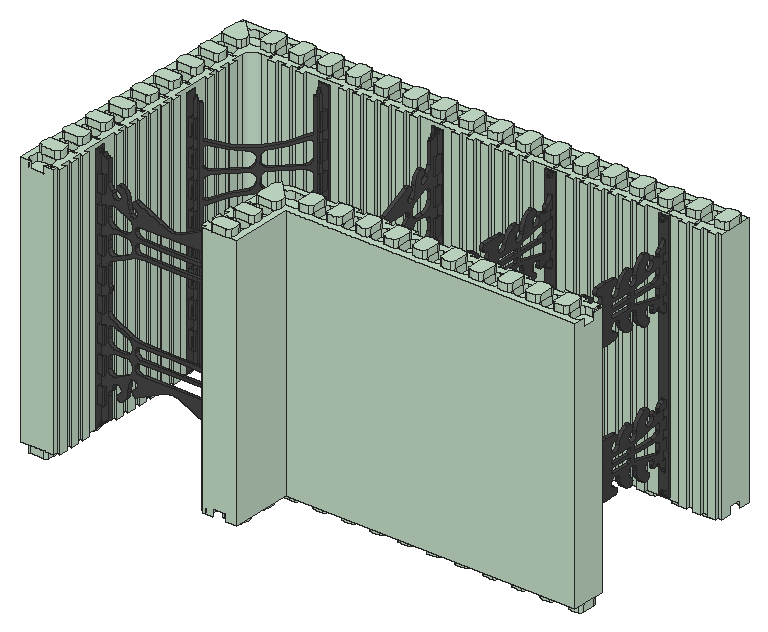
Revit family
Reference planes
  plane 1 "Center (Front/Back)": y = 0
  plane 2: z = 0
  plane 3 "Center (Left/Right)": x = 0
Forms (mm)
  Extrusion 1, solid, material "NUDURA Expanded Polystyrene Foam Insulation"
    sketch origin (-0.168, -0.268, 0) x (1, 0, 0) y (0, 1, 0)
      loop
        line (-193.675, 193.675) -> (-193.675, -304.8) -> (-133.35, -304.8) -> (-133.35, -297.658) -> (-127, -299.242) -> (-127, -284.958) -> (-133.35, -286.542) -> (-133.35, -272.258) -> (-127, -273.842) -> (-127, -259.558) -> (-133.35, -261.142) -> (-133.35, -246.858) -> (-127, -248.442) -> (-127, -234.158) -> (-133.35, -235.742) -> (-133.35, -170.658) -> (-127, -172.242) -> (-127, -157.958) -> (-133.35, -159.542) -> (-133.35, -145.258) -> (-127, -146.842) -> (-127, -132.558) -> (-133.35, -134.142) -> (-133.35, -119.858) -> (-127, -121.442) -> (-127, -107.158) -> (-133.35, -108.742) -> (-133.35, -94.458) -> (-127, -96.042) -> (-127, -81.758) -> (-133.35, -83.342) -> (-133.35, -69.058) -> (-127, -70.642) -> (-127, -56.358) -> (-133.35, -57.942) -> (-133.35, -43.658) -> (-127, -45.242) -> (-127, -30.958) -> (-133.35, -32.542) -> (-133.35, 32.542) -> (-127, 30.958) -> (-127, 45.242) -> (-133.35, 43.658) -> (-133.35, 57.942) -> (-127, 56.358) -> (-127, 70.642) -> (-133.35, 69.058) -> (-133.35, 83.342) -> (-127, 81.758) -> (-127, 96.042) -> (-133.35, 94.458) -> (-133.35, 114.794)
        arc (-133.35, 114.794) -> (-127.599, 127.946) -> (-114.3, 133.35) r 19.05
        line (-114.3, 133.35) -> (-94.458, 133.35) -> (-96.042, 127) -> (-81.758, 127) -> (-83.342, 133.35) -> (-69.058, 133.35) -> (-70.642, 127) -> (-56.358, 127) -> (-57.942, 133.35) -> (-43.658, 133.35) -> (-45.242, 127) -> (-30.958, 127) -> (-32.542, 133.35) -> (32.542, 133.35) -> (30.958, 127) -> (45.242, 127) -> (43.658, 133.35) -> (57.942, 133.35) -> (56.358, 127) -> (70.642, 127) -> (69.058, 133.35) -> (83.342, 133.35) -> (81.758, 127) -> (96.042, 127) -> (94.458, 133.35) -> (108.742, 133.35) -> (107.158, 127) -> (121.442, 127) -> (119.858, 133.35) -> (134.142, 133.35) -> (132.558, 127) -> (146.842, 127) -> (145.258, 133.35) -> (159.542, 133.35) -> (157.958, 127) -> (172.242, 127) -> (170.658, 133.35) -> (235.742, 133.35) -> (234.158, 127) -> (248.442, 127) -> (246.858, 133.35) -> (261.142, 133.35) -> (259.558, 127) -> (273.842, 127) -> (272.258, 133.35) -> (286.542, 133.35) -> (284.958, 127) -> (299.242, 127) -> (297.658, 133.35) -> (311.942, 133.35) -> (310.358, 127) -> (324.642, 127) -> (323.058, 133.35) -> (337.342, 133.35) -> (335.758, 127) -> (350.042, 127) -> (348.458, 133.35) -> (362.742, 133.35) -> (361.158, 127) -> (375.442, 127) -> (373.858, 133.35) -> (438.942, 133.35) -> (437.358, 127) -> (451.642, 127) -> (450.058, 133.35) -> (464.342, 133.35) -> (462.758, 127) -> (477.042, 127) -> (475.458, 133.35) -> (489.742, 133.35) -> (488.158, 127) -> (502.442, 127) -> (500.858, 133.35) -> (515.142, 133.35) -> (513.558, 127) -> (527.842, 127) -> (526.258, 133.35) -> (540.542, 133.35) -> (538.958, 127) -> (553.242, 127) -> (551.658, 133.35) -> (565.942, 133.35) -> (564.358, 127) -> (578.642, 127) -> (577.058, 133.35) -> (642.142, 133.35) -> (640.558, 127) -> (654.842, 127) -> (653.258, 133.35) -> (667.542, 133.35) -> (665.958, 127) -> (680.242, 127) -> (678.658, 133.35) -> (692.942, 133.35) -> (691.358, 127) -> (705.642, 127) -> (704.058, 133.35) -> (711.2, 133.35) -> (711.2, 193.675) -> (-193.675, 193.675)
      loop
        line (193.675, -193.675) -> (711.2, -193.675) -> (711.2, -133.35) -> (704.058, -133.35) -> (705.642, -127) -> (691.358, -127) -> (692.942, -133.35) -> (678.658, -133.35) -> (680.242, -127) -> (665.958, -127) -> (667.542, -133.35) -> (653.258, -133.35) -> (654.842, -127) -> (640.558, -127) -> (642.142, -133.35) -> (577.058, -133.35) -> (578.642, -127) -> (564.358, -127) -> (565.942, -133.35) -> (551.658, -133.35) -> (553.242, -127) -> (538.958, -127) -> (540.542, -133.35) -> (526.258, -133.35) -> (527.842, -127) -> (513.558, -127) -> (515.142, -133.35) -> (500.858, -133.35) -> (502.442, -127) -> (488.158, -127) -> (489.742, -133.35) -> (475.458, -133.35) -> (477.042, -127) -> (462.758, -127) -> (464.342, -133.35) -> (450.058, -133.35) -> (451.642, -127) -> (437.358, -127) -> (438.942, -133.35) -> (373.858, -133.35) -> (375.442, -127) -> (361.158, -127) -> (362.742, -133.35) -> (348.458, -133.35) -> (350.042, -127) -> (335.758, -127) -> (337.342, -133.35) -> (323.058, -133.35) -> (324.642, -127) -> (310.358, -127) -> (311.942, -133.35) -> (297.658, -133.35) -> (299.242, -127) -> (284.958, -127) -> (286.542, -133.35) -> (272.258, -133.35) -> (273.842, -127) -> (259.558, -127) -> (261.142, -133.35) -> (246.858, -133.35) -> (248.442, -127) -> (234.158, -127) -> (235.742, -133.35) -> (165.1, -133.35)
        arc (165.1, -133.35) -> (142.649, -142.649) -> (133.35, -165.1) r 31.75
        line (133.35, -165.1) -> (133.35, -235.742) -> (127, -234.158) -> (127, -248.442) -> (133.35, -246.858) -> (133.35, -261.142) -> (127, -259.558) -> (127, -273.842) -> (133.35, -272.258) -> (133.35, -286.542) -> (127, -284.958) -> (127, -299.242) -> (133.35, -297.658) -> (133.35, -304.8) -> (193.675, -304.8) -> (193.675, -193.675)
    from 0 to 457.2
  Extrusion 2, solid, material "NUDURA Expanded Polystyrene Foam Insulation"
    sketch origin (50.632, -51.068, 0) x (1, 0, 0) y (0, 1, 0)
      loop
        arc (93.663, -139.7) -> (93.992, -143.903) -> (94.972, -148.004) r 26.987
        arc (94.972, -148.004) -> (97.278, -151.185) -> (101.014, -152.4) r 6.35
        line (101.014, -152.4) -> (124.411, -152.4)
        arc (124.411, -152.4) -> (128.147, -151.185) -> (130.453, -148.004) r 6.35
        arc (130.453, -148.004) -> (131.433, -143.903) -> (131.763, -139.7) r 26.988
        line (131.763, -139.7) -> (131.763, -131.763) -> (101.102, -101.102)
        arc (101.102, -101.102) -> (95.596, -109.342) -> (93.663, -119.063) r 25.4
        line (93.663, -119.063) -> (93.663, -139.7)
    from 457.2 to 469.9
  Extrusion 3, solid, material "NUDURA Expanded Polystyrene Foam Insulation"
    sketch origin (-50.968, 50.532, 0) x (1, 0, 0) y (0, 1, 0)
      loop
        arc (-101.014, 76.2) -> (-97.278, 77.415) -> (-94.972, 80.596) r 6.35
        arc (-94.972, 80.596) -> (-93.992, 84.697) -> (-93.662, 88.9) r 26.987
        line (-93.662, 88.9) -> (-93.662, 93.662) -> (-124.323, 124.323)
        arc (-124.323, 124.323) -> (-129.829, 116.083) -> (-131.762, 106.362) r 25.4
        line (-131.762, 106.362) -> (-131.762, 88.9)
        arc (-131.762, 88.9) -> (-131.433, 84.697) -> (-130.453, 80.596) r 26.988
        arc (-130.453, 80.596) -> (-128.147, 77.415) -> (-124.411, 76.2) r 6.35
        line (-124.411, 76.2) -> (-101.014, 76.2)
    from 457.2 to 469.9
  Extrusion 4, void
    sketch origin (-50.968, 50.532, 0) x (1, 0, 0) y (0, 1, 0)
      loop
        arc (-130.453, -249.604) -> (-128.147, -252.785) -> (-124.411, -254) r 6.35
        line (-124.411, -254) -> (-101.014, -254)
        arc (-101.014, -254) -> (-98.696, -253.562) -> (-96.698, -252.308) r 6.35
        arc (-96.698, -252.308) -> (-96.199, -251.995) -> (-95.62, -251.885) r 1.588
        line (-95.62, -251.885) -> (-86.829, -251.885) -> (-86.829, -247.546) -> (-92.457, -247.546)
        arc (-92.457, -247.546) -> (-93.668, -246.986) -> (-94.024, -245.7) r 1.588
        arc (-94.024, -245.7) -> (-93.737, -239.291) -> (-94.972, -232.996) r 26.987
        arc (-94.972, -232.996) -> (-97.278, -229.815) -> (-101.014, -228.6) r 6.35
        line (-101.014, -228.6) -> (-124.411, -228.6)
        arc (-124.411, -228.6) -> (-128.147, -229.815) -> (-130.453, -232.996) r 6.35
        arc (-130.453, -232.996) -> (-131.762, -241.3) -> (-130.453, -249.604) r 26.987
    from 457.2 to 444.5
  Extrusion 5, void
    sketch origin (-50.968, 101.332, 0) x (1, 0, 0) y (0, 1, 0)
      loop
        arc (-130.453, -249.604) -> (-128.147, -252.785) -> (-124.411, -254) r 6.35
        line (-124.411, -254) -> (-101.014, -254)
        arc (-101.014, -254) -> (-98.696, -253.562) -> (-96.698, -252.308) r 6.35
        arc (-96.698, -252.308) -> (-96.199, -251.995) -> (-95.62, -251.885) r 1.588
        line (-95.62, -251.885) -> (-86.829, -251.885) -> (-86.829, -247.546) -> (-92.457, -247.546)
        arc (-92.457, -247.546) -> (-93.668, -246.986) -> (-94.024, -245.7) r 1.588
        arc (-94.024, -245.7) -> (-93.737, -239.291) -> (-94.972, -232.996) r 26.987
        arc (-94.972, -232.996) -> (-97.278, -229.815) -> (-101.014, -228.6) r 6.35
        line (-101.014, -228.6) -> (-124.411, -228.6)
        arc (-124.411, -228.6) -> (-128.147, -229.815) -> (-130.453, -232.996) r 6.35
        arc (-130.453, -232.996) -> (-131.762, -241.3) -> (-130.453, -249.604) r 26.987
    from 457.2 to 444.5
  Extrusion 6, void
    sketch origin (-50.968, 152.132, 0) x (1, 0, 0) y (0, 1, 0)
      loop
        arc (-130.453, -249.604) -> (-128.147, -252.785) -> (-124.411, -254) r 6.35
        line (-124.411, -254) -> (-101.014, -254)
        arc (-101.014, -254) -> (-98.696, -253.562) -> (-96.698, -252.308) r 6.35
        arc (-96.698, -252.308) -> (-96.199, -251.995) -> (-95.62, -251.885) r 1.588
        line (-95.62, -251.885) -> (-86.829, -251.885) -> (-86.829, -247.546) -> (-92.457, -247.546)
        arc (-92.457, -247.546) -> (-93.668, -246.986) -> (-94.024, -245.7) r 1.588
        arc (-94.024, -245.7) -> (-93.737, -239.291) -> (-94.972, -232.996) r 26.987
        arc (-94.972, -232.996) -> (-97.278, -229.815) -> (-101.014, -228.6) r 6.35
        line (-101.014, -228.6) -> (-124.411, -228.6)
        arc (-124.411, -228.6) -> (-128.147, -229.815) -> (-130.453, -232.996) r 6.35
        arc (-130.453, -232.996) -> (-131.762, -241.3) -> (-130.453, -249.604) r 26.987
    from 457.2 to 444.5
  Extrusion 7, void
    sketch origin (-50.968, 202.932, 0) x (1, 0, 0) y (0, 1, 0)
      loop
        arc (-130.453, -249.604) -> (-128.147, -252.785) -> (-124.411, -254) r 6.35
        line (-124.411, -254) -> (-101.014, -254)
        arc (-101.014, -254) -> (-98.696, -253.562) -> (-96.698, -252.308) r 6.35
        arc (-96.698, -252.308) -> (-96.199, -251.995) -> (-95.62, -251.885) r 1.588
        line (-95.62, -251.885) -> (-86.829, -251.885) -> (-86.829, -247.546) -> (-92.457, -247.546)
        arc (-92.457, -247.546) -> (-93.668, -246.986) -> (-94.024, -245.7) r 1.588
        arc (-94.024, -245.7) -> (-93.737, -239.291) -> (-94.972, -232.996) r 26.987
        arc (-94.972, -232.996) -> (-97.278, -229.815) -> (-101.014, -228.6) r 6.35
        line (-101.014, -228.6) -> (-124.411, -228.6)
        arc (-124.411, -228.6) -> (-128.147, -229.815) -> (-130.453, -232.996) r 6.35
        arc (-130.453, -232.996) -> (-131.762, -241.3) -> (-130.453, -249.604) r 26.987
    from 457.2 to 444.5
  Extrusion 8, void
    sketch origin (-50.968, 253.732, 0) x (1, 0, 0) y (0, 1, 0)
      loop
        arc (-130.453, -249.604) -> (-128.147, -252.785) -> (-124.411, -254) r 6.35
        line (-124.411, -254) -> (-101.014, -254)
        arc (-101.014, -254) -> (-98.696, -253.562) -> (-96.698, -252.308) r 6.35
        arc (-96.698, -252.308) -> (-96.199, -251.995) -> (-95.62, -251.885) r 1.588
        line (-95.62, -251.885) -> (-86.829, -251.885) -> (-86.829, -247.546) -> (-92.457, -247.546)
        arc (-92.457, -247.546) -> (-93.668, -246.986) -> (-94.024, -245.7) r 1.588
        arc (-94.024, -245.7) -> (-93.737, -239.291) -> (-94.972, -232.996) r 26.987
        arc (-94.972, -232.996) -> (-97.278, -229.815) -> (-101.014, -228.6) r 6.35
        line (-101.014, -228.6) -> (-124.411, -228.6)
        arc (-124.411, -228.6) -> (-128.147, -229.815) -> (-130.453, -232.996) r 6.35
        arc (-130.453, -232.996) -> (-131.762, -241.3) -> (-130.453, -249.604) r 26.987
    from 457.2 to 444.5
  Extrusion 9, void
    sketch origin (-50.968, 304.532, 0) x (1, 0, 0) y (0, 1, 0)
      loop
        arc (-130.453, -249.604) -> (-128.147, -252.785) -> (-124.411, -254) r 6.35
        line (-124.411, -254) -> (-101.014, -254)
        arc (-101.014, -254) -> (-98.696, -253.562) -> (-96.698, -252.308) r 6.35
        arc (-96.698, -252.308) -> (-96.199, -251.995) -> (-95.62, -251.885) r 1.588
        line (-95.62, -251.885) -> (-86.829, -251.885) -> (-86.829, -247.546) -> (-92.457, -247.546)
        arc (-92.457, -247.546) -> (-93.668, -246.986) -> (-94.024, -245.7) r 1.588
        arc (-94.024, -245.7) -> (-93.737, -239.291) -> (-94.972, -232.996) r 26.987
        arc (-94.972, -232.996) -> (-97.278, -229.815) -> (-101.014, -228.6) r 6.35
        line (-101.014, -228.6) -> (-124.411, -228.6)
        arc (-124.411, -228.6) -> (-128.147, -229.815) -> (-130.453, -232.996) r 6.35
        arc (-130.453, -232.996) -> (-131.762, -241.3) -> (-130.453, -249.604) r 26.987
    from 457.2 to 444.5
  Extrusion 10, void
    sketch origin (-50.968, 355.332, 0) x (1, 0, 0) y (0, 1, 0)
      loop
        arc (-130.453, -249.604) -> (-128.147, -252.785) -> (-124.411, -254) r 6.35
        line (-124.411, -254) -> (-101.014, -254)
        arc (-101.014, -254) -> (-98.696, -253.562) -> (-96.698, -252.308) r 6.35
        arc (-96.698, -252.308) -> (-96.199, -251.995) -> (-95.62, -251.885) r 1.588
        line (-95.62, -251.885) -> (-86.829, -251.885) -> (-86.829, -247.546) -> (-92.457, -247.546)
        arc (-92.457, -247.546) -> (-93.668, -246.986) -> (-94.024, -245.7) r 1.588
        arc (-94.024, -245.7) -> (-93.737, -239.291) -> (-94.972, -232.996) r 26.987
        arc (-94.972, -232.996) -> (-97.278, -229.815) -> (-101.014, -228.6) r 6.35
        line (-101.014, -228.6) -> (-124.411, -228.6)
        arc (-124.411, -228.6) -> (-128.147, -229.815) -> (-130.453, -232.996) r 6.35
        arc (-130.453, -232.996) -> (-131.762, -241.3) -> (-130.453, -249.604) r 26.987
    from 457.2 to 444.5
  Extrusion 11, void
    sketch origin (50.632, -51.068, 0) x (1, 0, 0) y (0, 1, 0)
      loop
        line (101.014, -228.6) -> (124.411, -228.6)
        arc (124.411, -228.6) -> (128.147, -227.385) -> (130.453, -224.204) r 6.35
        arc (130.453, -224.204) -> (131.763, -215.9) -> (130.453, -207.596) r 26.988
        arc (130.453, -207.596) -> (128.147, -204.415) -> (124.411, -203.2) r 6.35
        line (124.411, -203.2) -> (101.014, -203.2)
        arc (101.014, -203.2) -> (98.696, -203.638) -> (96.698, -204.892) r 6.35
        arc (96.698, -204.892) -> (96.199, -205.205) -> (95.62, -205.315) r 1.587
        line (95.62, -205.315) -> (86.829, -205.315) -> (86.829, -209.654) -> (92.457, -209.654)
        arc (92.457, -209.654) -> (93.668, -210.214) -> (94.024, -211.5) r 1.587
        arc (94.024, -211.5) -> (93.737, -217.909) -> (94.972, -224.204) r 26.987
        arc (94.972, -224.204) -> (97.278, -227.385) -> (101.014, -228.6) r 6.35
    from 457.2 to 444.5
  Extrusion 12, void
    sketch origin (50.632, -0.268, 0) x (1, 0, 0) y (0, 1, 0)
      loop
        line (101.014, -228.6) -> (124.411, -228.6)
        arc (124.411, -228.6) -> (128.147, -227.385) -> (130.453, -224.204) r 6.35
        arc (130.453, -224.204) -> (131.763, -215.9) -> (130.453, -207.596) r 26.988
        arc (130.453, -207.596) -> (128.147, -204.415) -> (124.411, -203.2) r 6.35
        line (124.411, -203.2) -> (101.014, -203.2)
        arc (101.014, -203.2) -> (98.696, -203.638) -> (96.698, -204.892) r 6.35
        arc (96.698, -204.892) -> (96.199, -205.205) -> (95.62, -205.315) r 1.587
        line (95.62, -205.315) -> (86.829, -205.315) -> (86.829, -209.654) -> (92.457, -209.654)
        arc (92.457, -209.654) -> (93.668, -210.214) -> (94.024, -211.5) r 1.587
        arc (94.024, -211.5) -> (93.737, -217.909) -> (94.972, -224.204) r 26.987
        arc (94.972, -224.204) -> (97.278, -227.385) -> (101.014, -228.6) r 6.35
    from 457.2 to 444.5
  Extrusion 13, void
    sketch origin (-50.968, 50.532, 0) x (1, 0, 0) y (0, 1, 0)
      loop
        arc (-106.362, 131.762) -> (-116.083, 129.829) -> (-124.323, 124.323) r 25.4
        line (-124.323, 124.323) -> (-93.662, 93.662) -> (-88.9, 93.662)
        arc (-88.9, 93.662) -> (-84.697, 93.992) -> (-80.596, 94.972) r 26.988
        arc (-80.596, 94.972) -> (-77.415, 97.278) -> (-76.2, 101.014) r 6.35
        line (-76.2, 101.014) -> (-76.2, 124.411)
        arc (-76.2, 124.411) -> (-77.415, 128.147) -> (-80.596, 130.453) r 6.35
        arc (-80.596, 130.453) -> (-84.697, 131.433) -> (-88.9, 131.762) r 26.988
        line (-88.9, 131.762) -> (-106.362, 131.762)
    from 457.2 to 444.5
  Extrusion 14, void
    sketch origin (50.632, -51.068, 0) x (1, 0, 0) y (0, 1, 0)
      loop
        arc (119.063, -93.663) -> (109.342, -95.596) -> (101.102, -101.102) r 25.4
        line (101.102, -101.102) -> (131.763, -131.763) -> (139.7, -131.763)
        arc (139.7, -131.763) -> (143.903, -131.433) -> (148.004, -130.453) r 26.987
        arc (148.004, -130.453) -> (151.185, -128.147) -> (152.4, -124.411) r 6.35
        line (152.4, -124.411) -> (152.4, -101.014)
        arc (152.4, -101.014) -> (151.962, -98.696) -> (150.708, -96.698) r 6.35
        arc (150.708, -96.698) -> (150.395, -96.199) -> (150.285, -95.62) r 1.588
        line (150.285, -95.62) -> (150.285, -86.829) -> (145.946, -86.829) -> (145.946, -92.457)
        arc (145.946, -92.457) -> (145.386, -93.668) -> (144.1, -94.024) r 1.587
        arc (144.1, -94.024) -> (141.907, -93.753) -> (139.7, -93.663) r 26.987
        line (139.7, -93.663) -> (119.063, -93.663)
    from 457.2 to 444.5
  Extrusion 15, void
    sketch origin (50.632, -51.068, 0) x (1, 0, 0) y (0, 1, 0)
      loop
        line (177.8, -101.014) -> (177.8, -124.411)
        arc (177.8, -124.411) -> (179.015, -128.147) -> (182.196, -130.453) r 6.35
        arc (182.196, -130.453) -> (190.5, -131.763) -> (198.804, -130.453) r 26.987
        arc (198.804, -130.453) -> (201.985, -128.147) -> (203.2, -124.411) r 6.35
        line (203.2, -124.411) -> (203.2, -101.014)
        arc (203.2, -101.014) -> (202.762, -98.696) -> (201.508, -96.698) r 6.35
        arc (201.508, -96.698) -> (201.195, -96.199) -> (201.085, -95.62) r 1.588
        line (201.085, -95.62) -> (201.085, -86.829) -> (196.746, -86.829) -> (196.746, -92.457)
        arc (196.746, -92.457) -> (196.186, -93.668) -> (194.9, -94.024) r 1.587
        arc (194.9, -94.024) -> (188.491, -93.737) -> (182.196, -94.972) r 26.988
        arc (182.196, -94.972) -> (179.015, -97.278) -> (177.8, -101.014) r 6.35
    from 457.2 to 444.5
  Extrusion 16, void
    sketch origin (101.432, -51.068, 0) x (1, 0, 0) y (0, 1, 0)
      loop
        line (177.8, -101.014) -> (177.8, -124.411)
        arc (177.8, -124.411) -> (179.015, -128.147) -> (182.196, -130.453) r 6.35
        arc (182.196, -130.453) -> (190.5, -131.763) -> (198.804, -130.453) r 26.987
        arc (198.804, -130.453) -> (201.985, -128.147) -> (203.2, -124.411) r 6.35
        line (203.2, -124.411) -> (203.2, -101.014)
        arc (203.2, -101.014) -> (202.762, -98.696) -> (201.508, -96.698) r 6.35
        arc (201.508, -96.698) -> (201.195, -96.199) -> (201.085, -95.62) r 1.588
        line (201.085, -95.62) -> (201.085, -86.829) -> (196.746, -86.829) -> (196.746, -92.457)
        arc (196.746, -92.457) -> (196.186, -93.668) -> (194.9, -94.024) r 1.587
        arc (194.9, -94.024) -> (188.491, -93.737) -> (182.196, -94.972) r 26.988
        arc (182.196, -94.972) -> (179.015, -97.278) -> (177.8, -101.014) r 6.35
    from 457.2 to 444.5
  Extrusion 17, void
    sketch origin (152.232, -51.068, 0) x (1, 0, 0) y (0, 1, 0)
      loop
        line (177.8, -101.014) -> (177.8, -124.411)
        arc (177.8, -124.411) -> (179.015, -128.147) -> (182.196, -130.453) r 6.35
        arc (182.196, -130.453) -> (190.5, -131.763) -> (198.804, -130.453) r 26.987
        arc (198.804, -130.453) -> (201.985, -128.147) -> (203.2, -124.411) r 6.35
        line (203.2, -124.411) -> (203.2, -101.014)
        arc (203.2, -101.014) -> (202.762, -98.696) -> (201.508, -96.698) r 6.35
        arc (201.508, -96.698) -> (201.195, -96.199) -> (201.085, -95.62) r 1.588
        line (201.085, -95.62) -> (201.085, -86.829) -> (196.746, -86.829) -> (196.746, -92.457)
        arc (196.746, -92.457) -> (196.186, -93.668) -> (194.9, -94.024) r 1.587
        arc (194.9, -94.024) -> (188.491, -93.737) -> (182.196, -94.972) r 26.988
        arc (182.196, -94.972) -> (179.015, -97.278) -> (177.8, -101.014) r 6.35
    from 457.2 to 444.5
  Extrusion 18, void
    sketch origin (203.032, -51.068, 0) x (1, 0, 0) y (0, 1, 0)
      loop
        line (177.8, -101.014) -> (177.8, -124.411)
        arc (177.8, -124.411) -> (179.015, -128.147) -> (182.196, -130.453) r 6.35
        arc (182.196, -130.453) -> (190.5, -131.763) -> (198.804, -130.453) r 26.987
        arc (198.804, -130.453) -> (201.985, -128.147) -> (203.2, -124.411) r 6.35
        line (203.2, -124.411) -> (203.2, -101.014)
        arc (203.2, -101.014) -> (202.762, -98.696) -> (201.508, -96.698) r 6.35
        arc (201.508, -96.698) -> (201.195, -96.199) -> (201.085, -95.62) r 1.588
        line (201.085, -95.62) -> (201.085, -86.829) -> (196.746, -86.829) -> (196.746, -92.457)
        arc (196.746, -92.457) -> (196.186, -93.668) -> (194.9, -94.024) r 1.587
        arc (194.9, -94.024) -> (188.491, -93.737) -> (182.196, -94.972) r 26.988
        arc (182.196, -94.972) -> (179.015, -97.278) -> (177.8, -101.014) r 6.35
    from 457.2 to 444.5
  Extrusion 19, void
    sketch origin (253.832, -51.068, 0) x (1, 0, 0) y (0, 1, 0)
      loop
        line (177.8, -101.014) -> (177.8, -124.411)
        arc (177.8, -124.411) -> (179.015, -128.147) -> (182.196, -130.453) r 6.35
        arc (182.196, -130.453) -> (190.5, -131.763) -> (198.804, -130.453) r 26.987
        arc (198.804, -130.453) -> (201.985, -128.147) -> (203.2, -124.411) r 6.35
        line (203.2, -124.411) -> (203.2, -101.014)
        arc (203.2, -101.014) -> (202.762, -98.696) -> (201.508, -96.698) r 6.35
        arc (201.508, -96.698) -> (201.195, -96.199) -> (201.085, -95.62) r 1.588
        line (201.085, -95.62) -> (201.085, -86.829) -> (196.746, -86.829) -> (196.746, -92.457)
        arc (196.746, -92.457) -> (196.186, -93.668) -> (194.9, -94.024) r 1.587
        arc (194.9, -94.024) -> (188.491, -93.737) -> (182.196, -94.972) r 26.988
        arc (182.196, -94.972) -> (179.015, -97.278) -> (177.8, -101.014) r 6.35
    from 457.2 to 444.5
  Extrusion 20, void
    sketch origin (304.632, -51.068, 0) x (1, 0, 0) y (0, 1, 0)
      loop
        line (177.8, -101.014) -> (177.8, -124.411)
        arc (177.8, -124.411) -> (179.015, -128.147) -> (182.196, -130.453) r 6.35
        arc (182.196, -130.453) -> (190.5, -131.763) -> (198.804, -130.453) r 26.987
        arc (198.804, -130.453) -> (201.985, -128.147) -> (203.2, -124.411) r 6.35
        line (203.2, -124.411) -> (203.2, -101.014)
        arc (203.2, -101.014) -> (202.762, -98.696) -> (201.508, -96.698) r 6.35
        arc (201.508, -96.698) -> (201.195, -96.199) -> (201.085, -95.62) r 1.588
        line (201.085, -95.62) -> (201.085, -86.829) -> (196.746, -86.829) -> (196.746, -92.457)
        arc (196.746, -92.457) -> (196.186, -93.668) -> (194.9, -94.024) r 1.587
        arc (194.9, -94.024) -> (188.491, -93.737) -> (182.196, -94.972) r 26.988
        arc (182.196, -94.972) -> (179.015, -97.278) -> (177.8, -101.014) r 6.35
    from 457.2 to 444.5
  Extrusion 21, void
    sketch origin (355.432, -51.068, 0) x (1, 0, 0) y (0, 1, 0)
      loop
        line (177.8, -101.014) -> (177.8, -124.411)
        arc (177.8, -124.411) -> (179.015, -128.147) -> (182.196, -130.453) r 6.35
        arc (182.196, -130.453) -> (190.5, -131.763) -> (198.804, -130.453) r 26.987
        arc (198.804, -130.453) -> (201.985, -128.147) -> (203.2, -124.411) r 6.35
        line (203.2, -124.411) -> (203.2, -101.014)
        arc (203.2, -101.014) -> (202.762, -98.696) -> (201.508, -96.698) r 6.35
        arc (201.508, -96.698) -> (201.195, -96.199) -> (201.085, -95.62) r 1.588
        line (201.085, -95.62) -> (201.085, -86.829) -> (196.746, -86.829) -> (196.746, -92.457)
        arc (196.746, -92.457) -> (196.186, -93.668) -> (194.9, -94.024) r 1.587
        arc (194.9, -94.024) -> (188.491, -93.737) -> (182.196, -94.972) r 26.988
        arc (182.196, -94.972) -> (179.015, -97.278) -> (177.8, -101.014) r 6.35
    from 457.2 to 444.5
  Extrusion 22, void
    sketch origin (406.232, -51.068, 0) x (1, 0, 0) y (0, 1, 0)
      loop
        line (177.8, -101.014) -> (177.8, -124.411)
        arc (177.8, -124.411) -> (179.015, -128.147) -> (182.196, -130.453) r 6.35
        arc (182.196, -130.453) -> (190.5, -131.763) -> (198.804, -130.453) r 26.987
        arc (198.804, -130.453) -> (201.985, -128.147) -> (203.2, -124.411) r 6.35
        line (203.2, -124.411) -> (203.2, -101.014)
        arc (203.2, -101.014) -> (202.762, -98.696) -> (201.508, -96.698) r 6.35
        arc (201.508, -96.698) -> (201.195, -96.199) -> (201.085, -95.62) r 1.588
        line (201.085, -95.62) -> (201.085, -86.829) -> (196.746, -86.829) -> (196.746, -92.457)
        arc (196.746, -92.457) -> (196.186, -93.668) -> (194.9, -94.024) r 1.587
        arc (194.9, -94.024) -> (188.491, -93.737) -> (182.196, -94.972) r 26.988
        arc (182.196, -94.972) -> (179.015, -97.278) -> (177.8, -101.014) r 6.35
    from 457.2 to 444.5
  Extrusion 23, void
    sketch origin (457.032, -51.068, 0) x (1, 0, 0) y (0, 1, 0)
      loop
        line (177.8, -101.014) -> (177.8, -124.411)
        arc (177.8, -124.411) -> (179.015, -128.147) -> (182.196, -130.453) r 6.35
        arc (182.196, -130.453) -> (190.5, -131.763) -> (198.804, -130.453) r 26.987
        arc (198.804, -130.453) -> (201.985, -128.147) -> (203.2, -124.411) r 6.35
        line (203.2, -124.411) -> (203.2, -101.014)
        arc (203.2, -101.014) -> (202.762, -98.696) -> (201.508, -96.698) r 6.35
        arc (201.508, -96.698) -> (201.195, -96.199) -> (201.085, -95.62) r 1.588
        line (201.085, -95.62) -> (201.085, -86.829) -> (196.746, -86.829) -> (196.746, -92.457)
        arc (196.746, -92.457) -> (196.186, -93.668) -> (194.9, -94.024) r 1.587
        arc (194.9, -94.024) -> (188.491, -93.737) -> (182.196, -94.972) r 26.988
        arc (182.196, -94.972) -> (179.015, -97.278) -> (177.8, -101.014) r 6.35
    from 457.2 to 444.5
  Extrusion 24, void
    sketch origin (507.832, -51.068, 0) x (1, 0, 0) y (0, 1, 0)
      loop
        line (177.8, -101.014) -> (177.8, -124.411)
        arc (177.8, -124.411) -> (179.015, -128.147) -> (182.196, -130.453) r 6.35
        arc (182.196, -130.453) -> (190.5, -131.763) -> (198.804, -130.453) r 26.987
        arc (198.804, -130.453) -> (201.985, -128.147) -> (203.2, -124.411) r 6.35
        line (203.2, -124.411) -> (203.2, -101.014)
        arc (203.2, -101.014) -> (202.762, -98.696) -> (201.508, -96.698) r 6.35
        arc (201.508, -96.698) -> (201.195, -96.199) -> (201.085, -95.62) r 1.588
        line (201.085, -95.62) -> (201.085, -86.829) -> (196.746, -86.829) -> (196.746, -92.457)
        arc (196.746, -92.457) -> (196.186, -93.668) -> (194.9, -94.024) r 1.587
        arc (194.9, -94.024) -> (188.491, -93.737) -> (182.196, -94.972) r 26.988
        arc (182.196, -94.972) -> (179.015, -97.278) -> (177.8, -101.014) r 6.35
    from 457.2 to 444.5
  Extrusion 25, void
    sketch origin (-50.968, 50.532, 0) x (1, 0, 0) y (0, 1, 0)
      loop
        arc (-46.404, 130.453) -> (-49.585, 128.147) -> (-50.8, 124.411) r 6.35
        line (-50.8, 124.411) -> (-50.8, 101.014)
        arc (-50.8, 101.014) -> (-50.362, 98.696) -> (-49.108, 96.698) r 6.35
        arc (-49.108, 96.698) -> (-48.795, 96.199) -> (-48.685, 95.62) r 1.588
        line (-48.685, 95.62) -> (-48.685, 86.829) -> (-44.346, 86.829) -> (-44.346, 92.457)
        arc (-44.346, 92.457) -> (-43.786, 93.668) -> (-42.5, 94.024) r 1.588
        arc (-42.5, 94.024) -> (-36.091, 93.737) -> (-29.796, 94.972) r 26.987
        arc (-29.796, 94.972) -> (-26.615, 97.278) -> (-25.4, 101.014) r 6.35
        line (-25.4, 101.014) -> (-25.4, 124.411)
        arc (-25.4, 124.411) -> (-26.615, 128.147) -> (-29.796, 130.453) r 6.35
        arc (-29.796, 130.453) -> (-38.1, 131.762) -> (-46.404, 130.453) r 26.987
    from 457.2 to 444.5
  Extrusion 26, void
    sketch origin (-0.168, 50.532, 0) x (1, 0, 0) y (0, 1, 0)
      loop
        arc (-46.404, 130.453) -> (-49.585, 128.147) -> (-50.8, 124.411) r 6.35
        line (-50.8, 124.411) -> (-50.8, 101.014)
        arc (-50.8, 101.014) -> (-50.362, 98.696) -> (-49.108, 96.698) r 6.35
        arc (-49.108, 96.698) -> (-48.795, 96.199) -> (-48.685, 95.62) r 1.588
        line (-48.685, 95.62) -> (-48.685, 86.829) -> (-44.346, 86.829) -> (-44.346, 92.457)
        arc (-44.346, 92.457) -> (-43.786, 93.668) -> (-42.5, 94.024) r 1.588
        arc (-42.5, 94.024) -> (-36.091, 93.737) -> (-29.796, 94.972) r 26.987
        arc (-29.796, 94.972) -> (-26.615, 97.278) -> (-25.4, 101.014) r 6.35
        line (-25.4, 101.014) -> (-25.4, 124.411)
        arc (-25.4, 124.411) -> (-26.615, 128.147) -> (-29.796, 130.453) r 6.35
        arc (-29.796, 130.453) -> (-38.1, 131.762) -> (-46.404, 130.453) r 26.987
    from 457.2 to 444.5
  Extrusion 27, void
    sketch origin (50.632, 50.532, 0) x (1, 0, 0) y (0, 1, 0)
      loop
        arc (-46.404, 130.453) -> (-49.585, 128.147) -> (-50.8, 124.411) r 6.35
        line (-50.8, 124.411) -> (-50.8, 101.014)
        arc (-50.8, 101.014) -> (-50.362, 98.696) -> (-49.108, 96.698) r 6.35
        arc (-49.108, 96.698) -> (-48.795, 96.199) -> (-48.685, 95.62) r 1.588
        line (-48.685, 95.62) -> (-48.685, 86.829) -> (-44.346, 86.829) -> (-44.346, 92.457)
        arc (-44.346, 92.457) -> (-43.786, 93.668) -> (-42.5, 94.024) r 1.588
        arc (-42.5, 94.024) -> (-36.091, 93.737) -> (-29.796, 94.972) r 26.987
        arc (-29.796, 94.972) -> (-26.615, 97.278) -> (-25.4, 101.014) r 6.35
        line (-25.4, 101.014) -> (-25.4, 124.411)
        arc (-25.4, 124.411) -> (-26.615, 128.147) -> (-29.796, 130.453) r 6.35
        arc (-29.796, 130.453) -> (-38.1, 131.762) -> (-46.404, 130.453) r 26.987
    from 457.2 to 444.5
  Extrusion 28, void
    sketch origin (101.432, 50.532, 0) x (1, 0, 0) y (0, 1, 0)
      loop
        arc (-46.404, 130.453) -> (-49.585, 128.147) -> (-50.8, 124.411) r 6.35
        line (-50.8, 124.411) -> (-50.8, 101.014)
        arc (-50.8, 101.014) -> (-50.362, 98.696) -> (-49.108, 96.698) r 6.35
        arc (-49.108, 96.698) -> (-48.795, 96.199) -> (-48.685, 95.62) r 1.588
        line (-48.685, 95.62) -> (-48.685, 86.829) -> (-44.346, 86.829) -> (-44.346, 92.457)
        arc (-44.346, 92.457) -> (-43.786, 93.668) -> (-42.5, 94.024) r 1.588
        arc (-42.5, 94.024) -> (-36.091, 93.737) -> (-29.796, 94.972) r 26.987
        arc (-29.796, 94.972) -> (-26.615, 97.278) -> (-25.4, 101.014) r 6.35
        line (-25.4, 101.014) -> (-25.4, 124.411)
        arc (-25.4, 124.411) -> (-26.615, 128.147) -> (-29.796, 130.453) r 6.35
        arc (-29.796, 130.453) -> (-38.1, 131.762) -> (-46.404, 130.453) r 26.987
    from 457.2 to 444.5
  Extrusion 29, void
    sketch origin (152.232, 50.532, 0) x (1, 0, 0) y (0, 1, 0)
      loop
        arc (-46.404, 130.453) -> (-49.585, 128.147) -> (-50.8, 124.411) r 6.35
        line (-50.8, 124.411) -> (-50.8, 101.014)
        arc (-50.8, 101.014) -> (-50.362, 98.696) -> (-49.108, 96.698) r 6.35
        arc (-49.108, 96.698) -> (-48.795, 96.199) -> (-48.685, 95.62) r 1.588
        line (-48.685, 95.62) -> (-48.685, 86.829) -> (-44.346, 86.829) -> (-44.346, 92.457)
        arc (-44.346, 92.457) -> (-43.786, 93.668) -> (-42.5, 94.024) r 1.588
        arc (-42.5, 94.024) -> (-36.091, 93.737) -> (-29.796, 94.972) r 26.987
        arc (-29.796, 94.972) -> (-26.615, 97.278) -> (-25.4, 101.014) r 6.35
        line (-25.4, 101.014) -> (-25.4, 124.411)
        arc (-25.4, 124.411) -> (-26.615, 128.147) -> (-29.796, 130.453) r 6.35
        arc (-29.796, 130.453) -> (-38.1, 131.762) -> (-46.404, 130.453) r 26.987
    from 457.2 to 444.5
  Extrusion 30, void
    sketch origin (203.032, 50.532, 0) x (1, 0, 0) y (0, 1, 0)
      loop
        arc (-46.404, 130.453) -> (-49.585, 128.147) -> (-50.8, 124.411) r 6.35
        line (-50.8, 124.411) -> (-50.8, 101.014)
        arc (-50.8, 101.014) -> (-50.362, 98.696) -> (-49.108, 96.698) r 6.35
        arc (-49.108, 96.698) -> (-48.795, 96.199) -> (-48.685, 95.62) r 1.588
        line (-48.685, 95.62) -> (-48.685, 86.829) -> (-44.346, 86.829) -> (-44.346, 92.457)
        arc (-44.346, 92.457) -> (-43.786, 93.668) -> (-42.5, 94.024) r 1.588
        arc (-42.5, 94.024) -> (-36.091, 93.737) -> (-29.796, 94.972) r 26.987
        arc (-29.796, 94.972) -> (-26.615, 97.278) -> (-25.4, 101.014) r 6.35
        line (-25.4, 101.014) -> (-25.4, 124.411)
        arc (-25.4, 124.411) -> (-26.615, 128.147) -> (-29.796, 130.453) r 6.35
        arc (-29.796, 130.453) -> (-38.1, 131.762) -> (-46.404, 130.453) r 26.987
    from 457.2 to 444.5
  Extrusion 31, void
    sketch origin (253.832, 50.532, 0) x (1, 0, 0) y (0, 1, 0)
      loop
        arc (-46.404, 130.453) -> (-49.585, 128.147) -> (-50.8, 124.411) r 6.35
        line (-50.8, 124.411) -> (-50.8, 101.014)
        arc (-50.8, 101.014) -> (-50.362, 98.696) -> (-49.108, 96.698) r 6.35
        arc (-49.108, 96.698) -> (-48.795, 96.199) -> (-48.685, 95.62) r 1.588
        line (-48.685, 95.62) -> (-48.685, 86.829) -> (-44.346, 86.829) -> (-44.346, 92.457)
        arc (-44.346, 92.457) -> (-43.786, 93.668) -> (-42.5, 94.024) r 1.588
        arc (-42.5, 94.024) -> (-36.091, 93.737) -> (-29.796, 94.972) r 26.987
        arc (-29.796, 94.972) -> (-26.615, 97.278) -> (-25.4, 101.014) r 6.35
        line (-25.4, 101.014) -> (-25.4, 124.411)
        arc (-25.4, 124.411) -> (-26.615, 128.147) -> (-29.796, 130.453) r 6.35
        arc (-29.796, 130.453) -> (-38.1, 131.762) -> (-46.404, 130.453) r 26.987
    from 457.2 to 444.5
  Extrusion 32, void
    sketch origin (304.632, 50.532, 0) x (1, 0, 0) y (0, 1, 0)
      loop
        arc (-46.404, 130.453) -> (-49.585, 128.147) -> (-50.8, 124.411) r 6.35
        line (-50.8, 124.411) -> (-50.8, 101.014)
        arc (-50.8, 101.014) -> (-50.362, 98.696) -> (-49.108, 96.698) r 6.35
        arc (-49.108, 96.698) -> (-48.795, 96.199) -> (-48.685, 95.62) r 1.588
        line (-48.685, 95.62) -> (-48.685, 86.829) -> (-44.346, 86.829) -> (-44.346, 92.457)
        arc (-44.346, 92.457) -> (-43.786, 93.668) -> (-42.5, 94.024) r 1.588
        arc (-42.5, 94.024) -> (-36.091, 93.737) -> (-29.796, 94.972) r 26.987
        arc (-29.796, 94.972) -> (-26.615, 97.278) -> (-25.4, 101.014) r 6.35
        line (-25.4, 101.014) -> (-25.4, 124.411)
        arc (-25.4, 124.411) -> (-26.615, 128.147) -> (-29.796, 130.453) r 6.35
        arc (-29.796, 130.453) -> (-38.1, 131.762) -> (-46.404, 130.453) r 26.987
    from 457.2 to 444.5
  Extrusion 33, void
    sketch origin (355.432, 50.532, 0) x (1, 0, 0) y (0, 1, 0)
      loop
        arc (-46.404, 130.453) -> (-49.585, 128.147) -> (-50.8, 124.411) r 6.35
        line (-50.8, 124.411) -> (-50.8, 101.014)
        arc (-50.8, 101.014) -> (-50.362, 98.696) -> (-49.108, 96.698) r 6.35
        arc (-49.108, 96.698) -> (-48.795, 96.199) -> (-48.685, 95.62) r 1.588
        line (-48.685, 95.62) -> (-48.685, 86.829) -> (-44.346, 86.829) -> (-44.346, 92.457)
        arc (-44.346, 92.457) -> (-43.786, 93.668) -> (-42.5, 94.024) r 1.588
        arc (-42.5, 94.024) -> (-36.091, 93.737) -> (-29.796, 94.972) r 26.987
        arc (-29.796, 94.972) -> (-26.615, 97.278) -> (-25.4, 101.014) r 6.35
        line (-25.4, 101.014) -> (-25.4, 124.411)
        arc (-25.4, 124.411) -> (-26.615, 128.147) -> (-29.796, 130.453) r 6.35
        arc (-29.796, 130.453) -> (-38.1, 131.762) -> (-46.404, 130.453) r 26.987
    from 457.2 to 444.5
  Extrusion 34, void
    sketch origin (406.232, 50.532, 0) x (1, 0, 0) y (0, 1, 0)
      loop
        arc (-46.404, 130.453) -> (-49.585, 128.147) -> (-50.8, 124.411) r 6.35
        line (-50.8, 124.411) -> (-50.8, 101.014)
        arc (-50.8, 101.014) -> (-50.362, 98.696) -> (-49.108, 96.698) r 6.35
        arc (-49.108, 96.698) -> (-48.795, 96.199) -> (-48.685, 95.62) r 1.588
        line (-48.685, 95.62) -> (-48.685, 86.829) -> (-44.346, 86.829) -> (-44.346, 92.457)
        arc (-44.346, 92.457) -> (-43.786, 93.668) -> (-42.5, 94.024) r 1.588
        arc (-42.5, 94.024) -> (-36.091, 93.737) -> (-29.796, 94.972) r 26.987
        arc (-29.796, 94.972) -> (-26.615, 97.278) -> (-25.4, 101.014) r 6.35
        line (-25.4, 101.014) -> (-25.4, 124.411)
        arc (-25.4, 124.411) -> (-26.615, 128.147) -> (-29.796, 130.453) r 6.35
        arc (-29.796, 130.453) -> (-38.1, 131.762) -> (-46.404, 130.453) r 26.987
    from 457.2 to 444.5
  Extrusion 35, void
    sketch origin (457.032, 50.532, 0) x (1, 0, 0) y (0, 1, 0)
      loop
        arc (-46.404, 130.453) -> (-49.585, 128.147) -> (-50.8, 124.411) r 6.35
        line (-50.8, 124.411) -> (-50.8, 101.014)
        arc (-50.8, 101.014) -> (-50.362, 98.696) -> (-49.108, 96.698) r 6.35
        arc (-49.108, 96.698) -> (-48.795, 96.199) -> (-48.685, 95.62) r 1.588
        line (-48.685, 95.62) -> (-48.685, 86.829) -> (-44.346, 86.829) -> (-44.346, 92.457)
        arc (-44.346, 92.457) -> (-43.786, 93.668) -> (-42.5, 94.024) r 1.588
        arc (-42.5, 94.024) -> (-36.091, 93.737) -> (-29.796, 94.972) r 26.987
        arc (-29.796, 94.972) -> (-26.615, 97.278) -> (-25.4, 101.014) r 6.35
        line (-25.4, 101.014) -> (-25.4, 124.411)
        arc (-25.4, 124.411) -> (-26.615, 128.147) -> (-29.796, 130.453) r 6.35
        arc (-29.796, 130.453) -> (-38.1, 131.762) -> (-46.404, 130.453) r 26.987
    from 457.2 to 444.5
  Extrusion 36, void
    sketch origin (507.832, 50.532, 0) x (1, 0, 0) y (0, 1, 0)
      loop
        arc (-46.404, 130.453) -> (-49.585, 128.147) -> (-50.8, 124.411) r 6.35
        line (-50.8, 124.411) -> (-50.8, 101.014)
        arc (-50.8, 101.014) -> (-50.362, 98.696) -> (-49.108, 96.698) r 6.35
        arc (-49.108, 96.698) -> (-48.795, 96.199) -> (-48.685, 95.62) r 1.588
        line (-48.685, 95.62) -> (-48.685, 86.829) -> (-44.346, 86.829) -> (-44.346, 92.457)
        arc (-44.346, 92.457) -> (-43.786, 93.668) -> (-42.5, 94.024) r 1.588
        arc (-42.5, 94.024) -> (-36.091, 93.737) -> (-29.796, 94.972) r 26.987
        arc (-29.796, 94.972) -> (-26.615, 97.278) -> (-25.4, 101.014) r 6.35
        line (-25.4, 101.014) -> (-25.4, 124.411)
        arc (-25.4, 124.411) -> (-26.615, 128.147) -> (-29.796, 130.453) r 6.35
        arc (-29.796, 130.453) -> (-38.1, 131.762) -> (-46.404, 130.453) r 26.987
    from 457.2 to 444.5
  Extrusion 37, void
    sketch origin (558.632, 50.532, 0) x (1, 0, 0) y (0, 1, 0)
      loop
        arc (-46.404, 130.453) -> (-49.585, 128.147) -> (-50.8, 124.411) r 6.35
        line (-50.8, 124.411) -> (-50.8, 101.014)
        arc (-50.8, 101.014) -> (-50.362, 98.696) -> (-49.108, 96.698) r 6.35
        arc (-49.108, 96.698) -> (-48.795, 96.199) -> (-48.685, 95.62) r 1.588
        line (-48.685, 95.62) -> (-48.685, 86.829) -> (-44.346, 86.829) -> (-44.346, 92.457)
        arc (-44.346, 92.457) -> (-43.786, 93.668) -> (-42.5, 94.024) r 1.588
        arc (-42.5, 94.024) -> (-36.091, 93.737) -> (-29.796, 94.972) r 26.987
        arc (-29.796, 94.972) -> (-26.615, 97.278) -> (-25.4, 101.014) r 6.35
        line (-25.4, 101.014) -> (-25.4, 124.411)
        arc (-25.4, 124.411) -> (-26.615, 128.147) -> (-29.796, 130.453) r 6.35
        arc (-29.796, 130.453) -> (-38.1, 131.762) -> (-46.404, 130.453) r 26.987
    from 457.2 to 444.5
  Extrusion 38, void
    sketch origin (609.432, 50.532, 0) x (1, 0, 0) y (0, 1, 0)
      loop
        arc (-46.404, 130.453) -> (-49.585, 128.147) -> (-50.8, 124.411) r 6.35
        line (-50.8, 124.411) -> (-50.8, 101.014)
        arc (-50.8, 101.014) -> (-50.362, 98.696) -> (-49.108, 96.698) r 6.35
        arc (-49.108, 96.698) -> (-48.795, 96.199) -> (-48.685, 95.62) r 1.588
        line (-48.685, 95.62) -> (-48.685, 86.829) -> (-44.346, 86.829) -> (-44.346, 92.457)
        arc (-44.346, 92.457) -> (-43.786, 93.668) -> (-42.5, 94.024) r 1.588
        arc (-42.5, 94.024) -> (-36.091, 93.737) -> (-29.796, 94.972) r 26.987
        arc (-29.796, 94.972) -> (-26.615, 97.278) -> (-25.4, 101.014) r 6.35
        line (-25.4, 101.014) -> (-25.4, 124.411)
        arc (-25.4, 124.411) -> (-26.615, 128.147) -> (-29.796, 130.453) r 6.35
        arc (-29.796, 130.453) -> (-38.1, 131.762) -> (-46.404, 130.453) r 26.987
    from 457.2 to 444.5
  Extrusion 39, void
    sketch origin (-50.968, 137.093, 0) x (1, 0, 0) y (0, 1, 0)
      loop
        arc (-130.453, -294.157) -> (-131.762, -302.461) -> (-130.453, -310.765) r 26.987
        arc (-130.453, -310.765) -> (-128.147, -313.946) -> (-124.411, -315.161) r 6.35
        line (-124.411, -315.161) -> (-101.014, -315.161)
        arc (-101.014, -315.161) -> (-97.278, -313.946) -> (-94.972, -310.765) r 6.35
        arc (-94.972, -310.765) -> (-93.737, -304.47) -> (-94.024, -298.061) r 26.987
        arc (-94.024, -298.061) -> (-93.668, -296.775) -> (-92.457, -296.215) r 1.588
        line (-92.457, -296.215) -> (-86.829, -296.215) -> (-86.829, -291.875) -> (-95.62, -291.875)
        arc (-95.62, -291.875) -> (-96.199, -291.766) -> (-96.698, -291.453) r 1.588
        arc (-96.698, -291.453) -> (-98.696, -290.199) -> (-101.014, -289.761) r 6.35
        line (-101.014, -289.761) -> (-124.411, -289.761)
        arc (-124.411, -289.761) -> (-128.147, -290.976) -> (-130.453, -294.157) r 6.35
    from 0 to 12.7
  Extrusion 40, void
    sketch origin (-50.968, 187.893, 0) x (1, 0, 0) y (0, 1, 0)
      loop
        arc (-130.453, -294.157) -> (-131.762, -302.461) -> (-130.453, -310.765) r 26.987
        arc (-130.453, -310.765) -> (-128.147, -313.946) -> (-124.411, -315.161) r 6.35
        line (-124.411, -315.161) -> (-101.014, -315.161)
        arc (-101.014, -315.161) -> (-97.278, -313.946) -> (-94.972, -310.765) r 6.35
        arc (-94.972, -310.765) -> (-93.737, -304.47) -> (-94.024, -298.061) r 26.987
        arc (-94.024, -298.061) -> (-93.668, -296.775) -> (-92.457, -296.215) r 1.588
        line (-92.457, -296.215) -> (-86.829, -296.215) -> (-86.829, -291.875) -> (-95.62, -291.875)
        arc (-95.62, -291.875) -> (-96.199, -291.766) -> (-96.698, -291.453) r 1.588
        arc (-96.698, -291.453) -> (-98.696, -290.199) -> (-101.014, -289.761) r 6.35
        line (-101.014, -289.761) -> (-124.411, -289.761)
        arc (-124.411, -289.761) -> (-128.147, -290.976) -> (-130.453, -294.157) r 6.35
    from 0 to 12.7
  Extrusion 41, void
    sketch origin (-50.968, 238.693, 0) x (1, 0, 0) y (0, 1, 0)
      loop
        arc (-130.453, -294.157) -> (-131.762, -302.461) -> (-130.453, -310.765) r 26.987
        arc (-130.453, -310.765) -> (-128.147, -313.946) -> (-124.411, -315.161) r 6.35
        line (-124.411, -315.161) -> (-101.014, -315.161)
        arc (-101.014, -315.161) -> (-97.278, -313.946) -> (-94.972, -310.765) r 6.35
        arc (-94.972, -310.765) -> (-93.737, -304.47) -> (-94.024, -298.061) r 26.987
        arc (-94.024, -298.061) -> (-93.668, -296.775) -> (-92.457, -296.215) r 1.588
        line (-92.457, -296.215) -> (-86.829, -296.215) -> (-86.829, -291.875) -> (-95.62, -291.875)
        arc (-95.62, -291.875) -> (-96.199, -291.766) -> (-96.698, -291.453) r 1.588
        arc (-96.698, -291.453) -> (-98.696, -290.199) -> (-101.014, -289.761) r 6.35
        line (-101.014, -289.761) -> (-124.411, -289.761)
        arc (-124.411, -289.761) -> (-128.147, -290.976) -> (-130.453, -294.157) r 6.35
    from 0 to 12.7
  Extrusion 42, void
    sketch origin (-50.968, 289.493, 0) x (1, 0, 0) y (0, 1, 0)
      loop
        arc (-130.453, -294.157) -> (-131.762, -302.461) -> (-130.453, -310.765) r 26.987
        arc (-130.453, -310.765) -> (-128.147, -313.946) -> (-124.411, -315.161) r 6.35
        line (-124.411, -315.161) -> (-101.014, -315.161)
        arc (-101.014, -315.161) -> (-97.278, -313.946) -> (-94.972, -310.765) r 6.35
        arc (-94.972, -310.765) -> (-93.737, -304.47) -> (-94.024, -298.061) r 26.987
        arc (-94.024, -298.061) -> (-93.668, -296.775) -> (-92.457, -296.215) r 1.588
        line (-92.457, -296.215) -> (-86.829, -296.215) -> (-86.829, -291.875) -> (-95.62, -291.875)
        arc (-95.62, -291.875) -> (-96.199, -291.766) -> (-96.698, -291.453) r 1.588
        arc (-96.698, -291.453) -> (-98.696, -290.199) -> (-101.014, -289.761) r 6.35
        line (-101.014, -289.761) -> (-124.411, -289.761)
        arc (-124.411, -289.761) -> (-128.147, -290.976) -> (-130.453, -294.157) r 6.35
    from 0 to 12.7
  Extrusion 43, void
    sketch origin (-50.968, 340.293, 0) x (1, 0, 0) y (0, 1, 0)
      loop
        arc (-130.453, -294.157) -> (-131.762, -302.461) -> (-130.453, -310.765) r 26.987
        arc (-130.453, -310.765) -> (-128.147, -313.946) -> (-124.411, -315.161) r 6.35
        line (-124.411, -315.161) -> (-101.014, -315.161)
        arc (-101.014, -315.161) -> (-97.278, -313.946) -> (-94.972, -310.765) r 6.35
        arc (-94.972, -310.765) -> (-93.737, -304.47) -> (-94.024, -298.061) r 26.987
        arc (-94.024, -298.061) -> (-93.668, -296.775) -> (-92.457, -296.215) r 1.588
        line (-92.457, -296.215) -> (-86.829, -296.215) -> (-86.829, -291.875) -> (-95.62, -291.875)
        arc (-95.62, -291.875) -> (-96.199, -291.766) -> (-96.698, -291.453) r 1.588
        arc (-96.698, -291.453) -> (-98.696, -290.199) -> (-101.014, -289.761) r 6.35
        line (-101.014, -289.761) -> (-124.411, -289.761)
        arc (-124.411, -289.761) -> (-128.147, -290.976) -> (-130.453, -294.157) r 6.35
    from 0 to 12.7
  Extrusion 44, void
    sketch origin (-50.968, 391.093, 0) x (1, 0, 0) y (0, 1, 0)
      loop
        arc (-130.453, -294.157) -> (-131.762, -302.461) -> (-130.453, -310.765) r 26.987
        arc (-130.453, -310.765) -> (-128.147, -313.946) -> (-124.411, -315.161) r 6.35
        line (-124.411, -315.161) -> (-101.014, -315.161)
        arc (-101.014, -315.161) -> (-97.278, -313.946) -> (-94.972, -310.765) r 6.35
        arc (-94.972, -310.765) -> (-93.737, -304.47) -> (-94.024, -298.061) r 26.987
        arc (-94.024, -298.061) -> (-93.668, -296.775) -> (-92.457, -296.215) r 1.588
        line (-92.457, -296.215) -> (-86.829, -296.215) -> (-86.829, -291.875) -> (-95.62, -291.875)
        arc (-95.62, -291.875) -> (-96.199, -291.766) -> (-96.698, -291.453) r 1.588
        arc (-96.698, -291.453) -> (-98.696, -290.199) -> (-101.014, -289.761) r 6.35
        line (-101.014, -289.761) -> (-124.411, -289.761)
        arc (-124.411, -289.761) -> (-128.147, -290.976) -> (-130.453, -294.157) r 6.35
    from 0 to 12.7
  Extrusion 45, void
    sketch origin (-152.568, 50.532, 0) x (-1, 0, 0) y (0, -1, 0)
      loop
        arc (-46.404, -130.453) -> (-38.1, -131.762) -> (-29.796, -130.453) r 26.987
        arc (-29.796, -130.453) -> (-26.615, -128.147) -> (-25.4, -124.411) r 6.35
        line (-25.4, -124.411) -> (-25.4, -101.014)
        arc (-25.4, -101.014) -> (-26.615, -97.278) -> (-29.796, -94.972) r 6.35
        arc (-29.796, -94.972) -> (-36.091, -93.737) -> (-42.5, -94.024) r 26.987
        arc (-42.5, -94.024) -> (-43.786, -93.668) -> (-44.346, -92.457) r 1.588
        line (-44.346, -92.457) -> (-44.346, -86.829) -> (-48.685, -86.829) -> (-48.685, -95.62)
        arc (-48.685, -95.62) -> (-48.795, -96.199) -> (-49.108, -96.698) r 1.588
        arc (-49.108, -96.698) -> (-50.362, -98.696) -> (-50.8, -101.014) r 6.35
        line (-50.8, -101.014) -> (-50.8, -124.411)
        arc (-50.8, -124.411) -> (-49.585, -128.147) -> (-46.404, -130.453) r 6.35
    from 0 to 12.7
  Extrusion 46, void
    sketch origin (-101.768, 50.532, 0) x (-1, 0, 0) y (0, -1, 0)
      loop
        arc (-46.404, -130.453) -> (-38.1, -131.762) -> (-29.796, -130.453) r 26.987
        arc (-29.796, -130.453) -> (-26.615, -128.147) -> (-25.4, -124.411) r 6.35
        line (-25.4, -124.411) -> (-25.4, -101.014)
        arc (-25.4, -101.014) -> (-26.615, -97.278) -> (-29.796, -94.972) r 6.35
        arc (-29.796, -94.972) -> (-36.091, -93.737) -> (-42.5, -94.024) r 26.987
        arc (-42.5, -94.024) -> (-43.786, -93.668) -> (-44.346, -92.457) r 1.588
        line (-44.346, -92.457) -> (-44.346, -86.829) -> (-48.685, -86.829) -> (-48.685, -95.62)
        arc (-48.685, -95.62) -> (-48.795, -96.199) -> (-49.108, -96.698) r 1.588
        arc (-49.108, -96.698) -> (-50.362, -98.696) -> (-50.8, -101.014) r 6.35
        line (-50.8, -101.014) -> (-50.8, -124.411)
        arc (-50.8, -124.411) -> (-49.585, -128.147) -> (-46.404, -130.453) r 6.35
    from 0 to 12.7
  Extrusion 47, void
    sketch origin (-50.968, 50.532, 0) x (-1, 0, 0) y (0, -1, 0)
      loop
        arc (-46.404, -130.453) -> (-38.1, -131.762) -> (-29.796, -130.453) r 26.987
        arc (-29.796, -130.453) -> (-26.615, -128.147) -> (-25.4, -124.411) r 6.35
        line (-25.4, -124.411) -> (-25.4, -101.014)
        arc (-25.4, -101.014) -> (-26.615, -97.278) -> (-29.796, -94.972) r 6.35
        arc (-29.796, -94.972) -> (-36.091, -93.737) -> (-42.5, -94.024) r 26.987
        arc (-42.5, -94.024) -> (-43.786, -93.668) -> (-44.346, -92.457) r 1.588
        line (-44.346, -92.457) -> (-44.346, -86.829) -> (-48.685, -86.829) -> (-48.685, -95.62)
        arc (-48.685, -95.62) -> (-48.795, -96.199) -> (-49.108, -96.698) r 1.588
        arc (-49.108, -96.698) -> (-50.362, -98.696) -> (-50.8, -101.014) r 6.35
        line (-50.8, -101.014) -> (-50.8, -124.411)
        arc (-50.8, -124.411) -> (-49.585, -128.147) -> (-46.404, -130.453) r 6.35
    from 0 to 12.7
  Extrusion 48, void
    sketch origin (-0.168, 50.532, 0) x (-1, 0, 0) y (0, -1, 0)
      loop
        arc (-46.404, -130.453) -> (-38.1, -131.762) -> (-29.796, -130.453) r 26.987
        arc (-29.796, -130.453) -> (-26.615, -128.147) -> (-25.4, -124.411) r 6.35
        line (-25.4, -124.411) -> (-25.4, -101.014)
        arc (-25.4, -101.014) -> (-26.615, -97.278) -> (-29.796, -94.972) r 6.35
        arc (-29.796, -94.972) -> (-36.091, -93.737) -> (-42.5, -94.024) r 26.987
        arc (-42.5, -94.024) -> (-43.786, -93.668) -> (-44.346, -92.457) r 1.588
        line (-44.346, -92.457) -> (-44.346, -86.829) -> (-48.685, -86.829) -> (-48.685, -95.62)
        arc (-48.685, -95.62) -> (-48.795, -96.199) -> (-49.108, -96.698) r 1.588
        arc (-49.108, -96.698) -> (-50.362, -98.696) -> (-50.8, -101.014) r 6.35
        line (-50.8, -101.014) -> (-50.8, -124.411)
        arc (-50.8, -124.411) -> (-49.585, -128.147) -> (-46.404, -130.453) r 6.35
    from 0 to 12.7
  Extrusion 49, void
    sketch origin (50.632, 50.532, 0) x (-1, 0, 0) y (0, -1, 0)
      loop
        arc (-46.404, -130.453) -> (-38.1, -131.762) -> (-29.796, -130.453) r 26.987
        arc (-29.796, -130.453) -> (-26.615, -128.147) -> (-25.4, -124.411) r 6.35
        line (-25.4, -124.411) -> (-25.4, -101.014)
        arc (-25.4, -101.014) -> (-26.615, -97.278) -> (-29.796, -94.972) r 6.35
        arc (-29.796, -94.972) -> (-36.091, -93.737) -> (-42.5, -94.024) r 26.987
        arc (-42.5, -94.024) -> (-43.786, -93.668) -> (-44.346, -92.457) r 1.588
        line (-44.346, -92.457) -> (-44.346, -86.829) -> (-48.685, -86.829) -> (-48.685, -95.62)
        arc (-48.685, -95.62) -> (-48.795, -96.199) -> (-49.108, -96.698) r 1.588
        arc (-49.108, -96.698) -> (-50.362, -98.696) -> (-50.8, -101.014) r 6.35
        line (-50.8, -101.014) -> (-50.8, -124.411)
        arc (-50.8, -124.411) -> (-49.585, -128.147) -> (-46.404, -130.453) r 6.35
    from 0 to 12.7
  Extrusion 50, void
    sketch origin (101.432, 50.532, 0) x (-1, 0, 0) y (0, -1, 0)
      loop
        arc (-46.404, -130.453) -> (-38.1, -131.762) -> (-29.796, -130.453) r 26.987
        arc (-29.796, -130.453) -> (-26.615, -128.147) -> (-25.4, -124.411) r 6.35
        line (-25.4, -124.411) -> (-25.4, -101.014)
        arc (-25.4, -101.014) -> (-26.615, -97.278) -> (-29.796, -94.972) r 6.35
        arc (-29.796, -94.972) -> (-36.091, -93.737) -> (-42.5, -94.024) r 26.987
        arc (-42.5, -94.024) -> (-43.786, -93.668) -> (-44.346, -92.457) r 1.588
        line (-44.346, -92.457) -> (-44.346, -86.829) -> (-48.685, -86.829) -> (-48.685, -95.62)
        arc (-48.685, -95.62) -> (-48.795, -96.199) -> (-49.108, -96.698) r 1.588
        arc (-49.108, -96.698) -> (-50.362, -98.696) -> (-50.8, -101.014) r 6.35
        line (-50.8, -101.014) -> (-50.8, -124.411)
        arc (-50.8, -124.411) -> (-49.585, -128.147) -> (-46.404, -130.453) r 6.35
    from 0 to 12.7
  Extrusion 51, void
    sketch origin (152.232, 50.532, 0) x (-1, 0, 0) y (0, -1, 0)
      loop
        arc (-46.404, -130.453) -> (-38.1, -131.762) -> (-29.796, -130.453) r 26.987
        arc (-29.796, -130.453) -> (-26.615, -128.147) -> (-25.4, -124.411) r 6.35
        line (-25.4, -124.411) -> (-25.4, -101.014)
        arc (-25.4, -101.014) -> (-26.615, -97.278) -> (-29.796, -94.972) r 6.35
        arc (-29.796, -94.972) -> (-36.091, -93.737) -> (-42.5, -94.024) r 26.987
        arc (-42.5, -94.024) -> (-43.786, -93.668) -> (-44.346, -92.457) r 1.588
        line (-44.346, -92.457) -> (-44.346, -86.829) -> (-48.685, -86.829) -> (-48.685, -95.62)
        arc (-48.685, -95.62) -> (-48.795, -96.199) -> (-49.108, -96.698) r 1.588
        arc (-49.108, -96.698) -> (-50.362, -98.696) -> (-50.8, -101.014) r 6.35
        line (-50.8, -101.014) -> (-50.8, -124.411)
        arc (-50.8, -124.411) -> (-49.585, -128.147) -> (-46.404, -130.453) r 6.35
    from 0 to 12.7
  Extrusion 52, void
    sketch origin (203.032, 50.532, 0) x (-1, 0, 0) y (0, -1, 0)
      loop
        arc (-46.404, -130.453) -> (-38.1, -131.762) -> (-29.796, -130.453) r 26.987
        arc (-29.796, -130.453) -> (-26.615, -128.147) -> (-25.4, -124.411) r 6.35
        line (-25.4, -124.411) -> (-25.4, -101.014)
        arc (-25.4, -101.014) -> (-26.615, -97.278) -> (-29.796, -94.972) r 6.35
        arc (-29.796, -94.972) -> (-36.091, -93.737) -> (-42.5, -94.024) r 26.987
        arc (-42.5, -94.024) -> (-43.786, -93.668) -> (-44.346, -92.457) r 1.588
        line (-44.346, -92.457) -> (-44.346, -86.829) -> (-48.685, -86.829) -> (-48.685, -95.62)
        arc (-48.685, -95.62) -> (-48.795, -96.199) -> (-49.108, -96.698) r 1.588
        arc (-49.108, -96.698) -> (-50.362, -98.696) -> (-50.8, -101.014) r 6.35
        line (-50.8, -101.014) -> (-50.8, -124.411)
        arc (-50.8, -124.411) -> (-49.585, -128.147) -> (-46.404, -130.453) r 6.35
    from 0 to 12.7
  Extrusion 53, void
    sketch origin (253.832, 50.532, 0) x (-1, 0, 0) y (0, -1, 0)
      loop
        arc (-46.404, -130.453) -> (-38.1, -131.762) -> (-29.796, -130.453) r 26.987
        arc (-29.796, -130.453) -> (-26.615, -128.147) -> (-25.4, -124.411) r 6.35
        line (-25.4, -124.411) -> (-25.4, -101.014)
        arc (-25.4, -101.014) -> (-26.615, -97.278) -> (-29.796, -94.972) r 6.35
        arc (-29.796, -94.972) -> (-36.091, -93.737) -> (-42.5, -94.024) r 26.987
        arc (-42.5, -94.024) -> (-43.786, -93.668) -> (-44.346, -92.457) r 1.588
        line (-44.346, -92.457) -> (-44.346, -86.829) -> (-48.685, -86.829) -> (-48.685, -95.62)
        arc (-48.685, -95.62) -> (-48.795, -96.199) -> (-49.108, -96.698) r 1.588
        arc (-49.108, -96.698) -> (-50.362, -98.696) -> (-50.8, -101.014) r 6.35
        line (-50.8, -101.014) -> (-50.8, -124.411)
        arc (-50.8, -124.411) -> (-49.585, -128.147) -> (-46.404, -130.453) r 6.35
    from 0 to 12.7
  Extrusion 54, void
    sketch origin (304.632, 50.532, 0) x (-1, 0, 0) y (0, -1, 0)
      loop
        arc (-46.404, -130.453) -> (-38.1, -131.762) -> (-29.796, -130.453) r 26.987
        arc (-29.796, -130.453) -> (-26.615, -128.147) -> (-25.4, -124.411) r 6.35
        line (-25.4, -124.411) -> (-25.4, -101.014)
        arc (-25.4, -101.014) -> (-26.615, -97.278) -> (-29.796, -94.972) r 6.35
        arc (-29.796, -94.972) -> (-36.091, -93.737) -> (-42.5, -94.024) r 26.987
